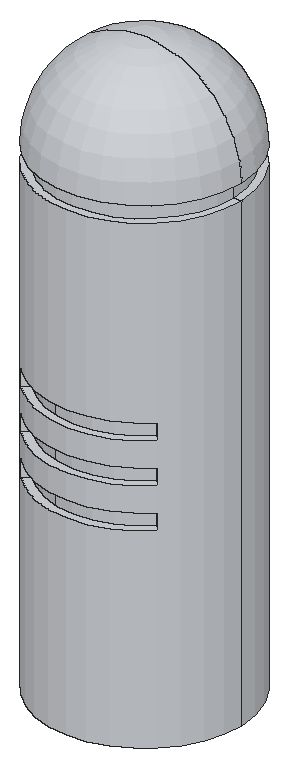
Revit family
Parameters (values of type "SBSP-027.5")
  Width = 1' - 4"
  URL = "www.strombergarchitectural.com"
  Top Material = GFRC
  Submittal Sheet = "www.strombergarchitectural.com/images/materials/gfrc/submittal/gfrc-submittal-sheet.pdf"
  Specifications = "www.strombergarchitectural.com/gfrcspecifications"
  Model Cut-sheet = "www.strombergarchitectural.com/products/bollards/design/SBSP-027"
  Model = "SBSP-027"
  Manufacturer = "Stromberg Architectural Products"
  Guidebook = "www.strombergarchitectural.com/images/materials/gfrc/handbooks/gfrc_guidebook.pdf"
  Frame Material = none
  Description = "GFRC Bollard"
  Assembly Code = ""
  Height = 4' - 0"
  XXX.5 = yes
  XXX.4 = no
  XXX.3 = no
  XXX.2 = no
  XXX.1 = no
Types (6): name | Width | Guidebook | Height | XXX.5 | XXX.4 | XXX.3 | XXX.2 | XXX.1
  (no name) | 1' - 4" | "www.strombergarchitectural.com/images/materials/gfrc/handbooks/gfrc_guidebook.pdf" | 4' - 0" | yes | no | no | no | no
  SBSP-027.3 | 1' - 0" | "www.strombergarchitectural.com/images/materials/gfrc/handbooks/gfrc_guidebook.pdf" | 3' - 0" | no | no | yes | no | no
  SBSP-027.1 | 0' - 8" | "www.strombergarchitectural.com/images/materials/gfrc/handbooks/gfrc_guidebook.pdf   \r\n(http://www.strombergarchitectural.com/images/materials/gfrc/handbooks/gfrc_guidebook.pdf" | 2' - 0" | no | no | no | no | yes
  SBSP-027.2 | 0' - 10" | "www.strombergarchitectural.com/images/materials/gfrc/handbooks/gfrc_guidebook.pdf" | 2' - 6" | no | no | no | yes | no
  SBSP-027.4 | 1' - 2" | "www.strombergarchitectural.com/images/materials/gfrc/handbooks/gfrc_guidebook.pdf" | 3' - 6" | no | yes | no | no | no
  SBSP-027.5 | 1' - 4" | "www.strombergarchitectural.com/images/materials/gfrc/handbooks/gfrc_guidebook.pdf" | 4' - 0" | yes | no | no | no | no
Reference planes (in)
  plane 1 "Center (Front/Back)": y = 3.74847
  plane 2: z = 0
  plane 3 "Center (Left/Right)": x = 0.7278
  plane 4 "Front": y = -3.25153
  plane 5 "Back": y = 10.74847
  plane 6: through (1.16595, 3.31032, 48) normal (-0.7071, -0.7071, 0)
  plane 7: through (0.28965, 3.31032, 48) normal (-0.7071, 0.7071, 0)
Forms (in)
  Revolve 1, solid, visible <- "XXX.1"
    sketch origin (0, 3.74847, 0) x (1, 0, 0) y (0, 0, 1)
      loop
        arc (0.7278, 24) -> (-2.10063, 22.82843) -> (-3.2722, 20) r 4
        line (-3.2722, 20) -> (-2.93887, 20) -> (-2.93887, 19.33333) -> (-3.2722, 19.33333) -> (-3.2722, 0) -> (-1.93887, 0) -> (-1.93887, 0.33333) -> (-2.93887, 0.33333) -> (-2.93887, 19) -> (0.7278, 19) -> (0.7278, 24)
      axis (0.7278, 24) -> (0.7278, 0)
    angle from 0 to 360
  Revolve 2, solid, visible <- "XXX.2"
    sketch origin (0, 3.74847, 0) x (1, 0, 0) y (0, 0, 1)
      loop
        arc (0.7278, 30) -> (-2.80773, 28.53553) -> (-4.2722, 25) r 5
        line (-4.2722, 25) -> (-3.85553, 25) -> (-3.85553, 24.16667) -> (-4.2722, 24.16667) -> (-4.2722, 0) -> (-2.60553, 0) -> (-2.60553, 0.41667) -> (-3.85553, 0.41667) -> (-3.85553, 23.75) -> (0.7278, 23.75) -> (0.7278, 30)
      axis (0.7278, 30) -> (0.7278, 0)
    angle from 0 to 360
  Revolve 3, solid, visible <- "XXX.3"
    sketch origin (0, 3.74847, 0) x (1, 0, 0) y (0, 0, 1)
      loop
        arc (0.7278, 36) -> (-3.51484, 34.24264) -> (-5.2722, 30) r 6
        line (-5.2722, 30) -> (-4.7722, 30) -> (-4.7722, 29) -> (-5.2722, 29) -> (-5.2722, 0) -> (-3.2722, 0) -> (-3.2722, 0.5) -> (-4.7722, 0.5) -> (-4.7722, 28.5) -> (0.7278, 28.5) -> (0.7278, 36)
      axis (0.7278, 36) -> (0.7278, 0)
    angle from 0 to 360
  Revolve 4, solid, visible <- "XXX.4"
    sketch origin (0, 3.74847, 0) x (1, 0, 0) y (0, 0, 1)
      loop
        arc (0.7278, 42) -> (-4.22195, 39.94975) -> (-6.2722, 35) r 7
        line (-6.2722, 35) -> (-5.68887, 35) -> (-5.68887, 33.83333) -> (-6.2722, 33.83333) -> (-6.2722, 0) -> (-3.93887, 0) -> (-3.93887, 0.58333) -> (-5.68887, 0.58333) -> (-5.68887, 33.25) -> (0.7278, 33.25) -> (0.7278, 42)
      axis (0.7278, 42) -> (0.7278, 0)
    angle from 0 to 360
  Revolve 5, solid, visible <- "XXX.5"
    sketch origin (0, 3.74847, 0) x (1, 0, 0) y (0, 0, 1)
      loop
        arc (0.7278, 48) -> (-4.92905, 45.65685) -> (-7.2722, 40) r 8
        line (-7.2722, 40) -> (-6.60553, 40) -> (-6.60553, 38.66667) -> (-7.2722, 38.66667) -> (-7.2722, 0) -> (-4.60553, 0) -> (-4.60553, 0.66667) -> (-6.60553, 0.66667) -> (-6.60553, 38) -> (0.7278, 38) -> (0.7278, 48)
      axis (0.7278, 48) -> (0.7278, 0)
    angle from 0 to 360
  Revolve 6, solid, visible <- "XXX.1", not visible
    sketch origin (-49.74307, 3.74847, 0) x (1, 0, 0) y (0, 0, 1)
      loop
        arc (0.7278, 24) -> (-2.10063, 22.82843) -> (-3.2722, 20) r 4
        line (-3.2722, 20) -> (-2.93887, 20) -> (-2.93887, 19.33333) -> (-3.2722, 19.33333) -> (-3.2722, 0) -> (-1.93887, 0) -> (-1.93887, 0.33333) -> (-2.93887, 0.33333) -> (-2.93887, 19) -> (0.7278, 19) -> (0.7278, 24)
      axis (0.7278, 24) -> (0.7278, 0)
    angle from 0 to 360
  Extrusion 7, void, not visible
    sketch origin (-49.74307, 3.74847, 0) x (-1, 0, 0) y (0, 0, 1)
      loop
        line (2.43887, 12) -> (-3.89447, 12)
        arc (-3.89447, 12) -> (-4.01232, 11.95118) -> (-4.06113, 11.83333) r 0.16667
        line (-4.06113, 11.83333) -> (-4.06113, 11.5)
        arc (-4.06113, 11.5) -> (-4.01232, 11.38215) -> (-3.89447, 11.33333) r 0.16667
        line (-3.89447, 11.33333) -> (2.43887, 11.33333)
        arc (2.43887, 11.33333) -> (2.55672, 11.38215) -> (2.60553, 11.5) r 0.16667
        line (2.60553, 11.5) -> (2.60553, 11.83333)
        arc (2.60553, 11.83333) -> (2.55672, 11.95118) -> (2.43887, 12) r 0.16667
      loop
        line (2.43887, 10.33333) -> (-3.89447, 10.33333)
        arc (-3.89447, 10.33333) -> (-4.01232, 10.28452) -> (-4.06113, 10.16667) r 0.16667
        line (-4.06113, 10.16667) -> (-4.06113, 9.83333)
        arc (-4.06113, 9.83333) -> (-4.01232, 9.71548) -> (-3.89447, 9.66667) r 0.16667
        line (-3.89447, 9.66667) -> (2.43887, 9.66667)
        arc (2.43887, 9.66667) -> (2.55672, 9.71548) -> (2.60553, 9.83333) r 0.16667
        line (2.60553, 9.83333) -> (2.60553, 10.16667)
        arc (2.60553, 10.16667) -> (2.55672, 10.28452) -> (2.43887, 10.33333) r 0.16667
      loop
        line (2.43887, 8.66667) -> (-3.89447, 8.66667)
        arc (-3.89447, 8.66667) -> (-4.01232, 8.61785) -> (-4.06113, 8.5) r 0.16667
        line (-4.06113, 8.5) -> (-4.06113, 8.16667)
        arc (-4.06113, 8.16667) -> (-4.01232, 8.04882) -> (-3.89447, 8) r 0.16667
        line (-3.89447, 8) -> (2.43887, 8)
        arc (2.43887, 8) -> (2.55672, 8.04882) -> (2.60553, 8.16667) r 0.16667
        line (2.60553, 8.16667) -> (2.60553, 8.5)
        arc (2.60553, 8.5) -> (2.55672, 8.61785) -> (2.43887, 8.66667) r 0.16667
    from -5.58501 to 4.5
  Revolve 8, solid, visible <- "XXX.2", not visible
    sketch origin (-39.74307, 3.74847, 0) x (1, 0, 0) y (0, 0, 1)
      loop
        arc (0.7278, 30) -> (-2.80773, 28.53553) -> (-4.2722, 25) r 5
        line (-4.2722, 25) -> (-3.85553, 25) -> (-3.85553, 24.16667) -> (-4.2722, 24.16667) -> (-4.2722, 0) -> (-2.60553, 0) -> (-2.60553, 0.41667) -> (-3.85553, 0.41667) -> (-3.85553, 23.75) -> (0.7278, 23.75) -> (0.7278, 30)
      axis (0.7278, 30) -> (0.7278, 0)
    angle from 0 to 360
  Extrusion 9, void, not visible
    sketch origin (-39.74307, 3.74847, 0) x (-1, 0, 0) y (0, 0, 1)
      loop
        line (3.23053, 15) -> (-4.68613, 15)
        arc (-4.68613, 15) -> (-4.83345, 14.93898) -> (-4.89447, 14.79167) r 0.20833
        line (-4.89447, 14.79167) -> (-4.89447, 14.375)
        arc (-4.89447, 14.375) -> (-4.83345, 14.22769) -> (-4.68613, 14.16667) r 0.20833
        line (-4.68613, 14.16667) -> (3.23053, 14.16667)
        arc (3.23053, 14.16667) -> (3.37785, 14.22769) -> (3.43887, 14.375) r 0.20833
        line (3.43887, 14.375) -> (3.43887, 14.79167)
        arc (3.43887, 14.79167) -> (3.37785, 14.93898) -> (3.23053, 15) r 0.20833
      loop
        line (3.23053, 12.91667) -> (-4.68613, 12.91667)
        arc (-4.68613, 12.91667) -> (-4.83345, 12.85565) -> (-4.89447, 12.70833) r 0.20833
        line (-4.89447, 12.70833) -> (-4.89447, 12.29167)
        arc (-4.89447, 12.29167) -> (-4.83345, 12.14435) -> (-4.68613, 12.08333) r 0.20833
        line (-4.68613, 12.08333) -> (3.23053, 12.08333)
        arc (3.23053, 12.08333) -> (3.37785, 12.14435) -> (3.43887, 12.29167) r 0.20833
        line (3.43887, 12.29167) -> (3.43887, 12.70833)
        arc (3.43887, 12.70833) -> (3.37785, 12.85565) -> (3.23053, 12.91667) r 0.20833
      loop
        line (3.23053, 10.83333) -> (-4.68613, 10.83333)
        arc (-4.68613, 10.83333) -> (-4.83345, 10.77231) -> (-4.89447, 10.625) r 0.20833
        line (-4.89447, 10.625) -> (-4.89447, 10.20833)
        arc (-4.89447, 10.20833) -> (-4.83345, 10.06102) -> (-4.68613, 10) r 0.20833
        line (-4.68613, 10) -> (3.23053, 10)
        arc (3.23053, 10) -> (3.37785, 10.06102) -> (3.43887, 10.20833) r 0.20833
        line (3.43887, 10.20833) -> (3.43887, 10.625)
        arc (3.43887, 10.625) -> (3.37785, 10.77231) -> (3.23053, 10.83333) r 0.20833
    from -6.17536 to 6.65704
  Revolve 10, solid, visible <- "XXX.3", not visible
    sketch origin (-28.74307, 3.74847, 0) x (1, 0, 0) y (0, 0, 1)
      loop
        arc (0.7278, 36) -> (-3.51484, 34.24264) -> (-5.2722, 30) r 6
        line (-5.2722, 30) -> (-4.7722, 30) -> (-4.7722, 29) -> (-5.2722, 29) -> (-5.2722, 0) -> (-3.2722, 0) -> (-3.2722, 0.5) -> (-4.7722, 0.5) -> (-4.7722, 28.5) -> (0.7278, 28.5) -> (0.7278, 36)
      axis (0.7278, 36) -> (0.7278, 0)
    angle from 0 to 360
  Extrusion 11, void, not visible
    sketch origin (-28.74307, 3.74847, 0) x (-1, 0, 0) y (0, 0, 1)
      loop
        arc (-5.4778, 18) -> (-5.65458, 17.92678) -> (-5.7278, 17.75) r 0.25
        line (-5.7278, 17.75) -> (-5.7278, 17.25)
        arc (-5.7278, 17.25) -> (-5.65458, 17.07322) -> (-5.4778, 17) r 0.25
        line (-5.4778, 17) -> (4.0222, 17)
        arc (4.0222, 17) -> (4.19898, 17.07322) -> (4.2722, 17.25) r 0.25
        line (4.2722, 17.25) -> (4.2722, 17.75)
        arc (4.2722, 17.75) -> (4.19898, 17.92678) -> (4.0222, 18) r 0.25
        line (4.0222, 18) -> (-5.4778, 18)
      loop
        arc (-5.4778, 15.5) -> (-5.65458, 15.42678) -> (-5.7278, 15.25) r 0.25
        line (-5.7278, 15.25) -> (-5.7278, 14.75)
        arc (-5.7278, 14.75) -> (-5.65458, 14.57322) -> (-5.4778, 14.5) r 0.25
        line (-5.4778, 14.5) -> (4.0222, 14.5)
        arc (4.0222, 14.5) -> (4.19898, 14.57322) -> (4.2722, 14.75) r 0.25
        line (4.2722, 14.75) -> (4.2722, 15.25)
        arc (4.2722, 15.25) -> (4.19898, 15.42678) -> (4.0222, 15.5) r 0.25
        line (4.0222, 15.5) -> (-5.4778, 15.5)
      loop
        arc (-5.4778, 13) -> (-5.65458, 12.92678) -> (-5.7278, 12.75) r 0.25
        line (-5.7278, 12.75) -> (-5.7278, 12.25)
        arc (-5.7278, 12.25) -> (-5.65458, 12.07322) -> (-5.4778, 12) r 0.25
        line (-5.4778, 12) -> (4.0222, 12)
        arc (4.0222, 12) -> (4.19898, 12.07322) -> (4.2722, 12.25) r 0.25
        line (4.2722, 12.25) -> (4.2722, 12.75)
        arc (4.2722, 12.75) -> (4.19898, 12.92678) -> (4.0222, 13) r 0.25
        line (4.0222, 13) -> (-5.4778, 13)
    from -6.60515 to 7.24033
  Revolve 12, solid, visible <- "XXX.4", not visible
    sketch origin (-15, 3.74847, 0) x (1, 0, 0) y (0, 0, 1)
      loop
        arc (0.7278, 42) -> (-4.22195, 39.94975) -> (-6.2722, 35) r 7
        line (-6.2722, 35) -> (-5.68887, 35) -> (-5.68887, 33.83333) -> (-6.2722, 33.83333) -> (-6.2722, 0) -> (-3.93887, 0) -> (-3.93887, 0.58333) -> (-5.68887, 0.58333) -> (-5.68887, 33.25) -> (0.7278, 33.25) -> (0.7278, 42)
      axis (0.7278, 42) -> (0.7278, 0)
    angle from 0 to 360
  Extrusion 13, void, not visible
    sketch origin (-15, 3.74847, 0) x (-1, 0, 0) y (0, 0, 1)
      loop
        line (4.81387, 21) -> (-6.26947, 21)
        arc (-6.26947, 21) -> (-6.47571, 20.91457) -> (-6.56113, 20.70833) r 0.29167
        line (-6.56113, 20.70833) -> (-6.56113, 20.125)
        arc (-6.56113, 20.125) -> (-6.47571, 19.91876) -> (-6.26947, 19.83333) r 0.29167
        line (-6.26947, 19.83333) -> (4.81387, 19.83333)
        arc (4.81387, 19.83333) -> (5.02011, 19.91876) -> (5.10553, 20.125) r 0.29167
        line (5.10553, 20.125) -> (5.10553, 20.70833)
        arc (5.10553, 20.70833) -> (5.02011, 20.91457) -> (4.81387, 21) r 0.29167
      loop
        line (4.81387, 18.08333) -> (-6.26947, 18.08333)
        arc (-6.26947, 18.08333) -> (-6.47571, 17.99791) -> (-6.56113, 17.79167) r 0.29167
        line (-6.56113, 17.79167) -> (-6.56113, 17.20833)
        arc (-6.56113, 17.20833) -> (-6.47571, 17.00209) -> (-6.26947, 16.91667) r 0.29167
        line (-6.26947, 16.91667) -> (4.81387, 16.91667)
        arc (4.81387, 16.91667) -> (5.02011, 17.00209) -> (5.10553, 17.20833) r 0.29167
        line (5.10553, 17.20833) -> (5.10553, 17.79167)
        arc (5.10553, 17.79167) -> (5.02011, 17.99791) -> (4.81387, 18.08333) r 0.29167
      loop
        line (4.81387, 15.16667) -> (-6.26947, 15.16667)
        arc (-6.26947, 15.16667) -> (-6.47571, 15.08124) -> (-6.56113, 14.875) r 0.29167
        line (-6.56113, 14.875) -> (-6.56113, 14.29167)
        arc (-6.56113, 14.29167) -> (-6.47571, 14.08543) -> (-6.26947, 14) r 0.29167
        line (-6.26947, 14) -> (4.81387, 14)
        arc (4.81387, 14) -> (5.02011, 14.08543) -> (5.10553, 14.29167) r 0.29167
        line (5.10553, 14.29167) -> (5.10553, 14.875)
        arc (5.10553, 14.875) -> (5.02011, 15.08124) -> (4.81387, 15.16667) r 0.29167
    from -8.07873 to 8.31481
  Revolve 14, solid, visible <- "XXX.5", not visible
    sketch origin (-49.74307, 3.74847, 0) x (1, 0, 0) y (0, 0, 1)
      loop
        arc (0.7278, 48) -> (-4.92905, 45.65685) -> (-7.2722, 40) r 8
        line (-7.2722, 40) -> (-6.60553, 40) -> (-6.60553, 38.66667) -> (-7.2722, 38.66667) -> (-7.2722, 0) -> (-4.60553, 0) -> (-4.60553, 0.66667) -> (-6.60553, 0.66667) -> (-6.60553, 38) -> (0.7278, 38) -> (0.7278, 48)
      axis (0.7278, 48) -> (0.7278, 0)
    angle from 0 to 360
  Extrusion 15, void, not visible
    sketch origin (-49.74307, 3.74847, 0) x (-1, 0, 0) y (0, 0, 1)
      loop
        line (5.60553, 24) -> (-7.06113, 24)
        arc (-7.06113, 24) -> (-7.29684, 23.90237) -> (-7.39447, 23.66667) r 0.33333
        line (-7.39447, 23.66667) -> (-7.39447, 23)
        arc (-7.39447, 23) -> (-7.29684, 22.7643) -> (-7.06113, 22.66667) r 0.33333
        line (-7.06113, 22.66667) -> (5.60553, 22.66667)
        arc (5.60553, 22.66667) -> (5.84124, 22.7643) -> (5.93887, 23) r 0.33333
        line (5.93887, 23) -> (5.93887, 23.66667)
        arc (5.93887, 23.66667) -> (5.84124, 23.90237) -> (5.60553, 24) r 0.33333
      loop
        line (5.60553, 20.66667) -> (-7.06113, 20.66667)
        arc (-7.06113, 20.66667) -> (-7.29684, 20.56904) -> (-7.39447, 20.33333) r 0.33333
        line (-7.39447, 20.33333) -> (-7.39447, 19.66667)
        arc (-7.39447, 19.66667) -> (-7.29684, 19.43096) -> (-7.06113, 19.33333) r 0.33333
        line (-7.06113, 19.33333) -> (5.60553, 19.33333)
        arc (5.60553, 19.33333) -> (5.84124, 19.43096) -> (5.93887, 19.66667) r 0.33333
        line (5.93887, 19.66667) -> (5.93887, 20.33333)
        arc (5.93887, 20.33333) -> (5.84124, 20.56904) -> (5.60553, 20.66667) r 0.33333
      loop
        line (5.60553, 17.33333) -> (-7.06113, 17.33333)
        arc (-7.06113, 17.33333) -> (-7.29684, 17.2357) -> (-7.39447, 17) r 0.33333
        line (-7.39447, 17) -> (-7.39447, 16.33333)
        arc (-7.39447, 16.33333) -> (-7.29684, 16.09763) -> (-7.06113, 16) r 0.33333
        line (-7.06113, 16) -> (5.60553, 16)
        arc (5.60553, 16) -> (5.84124, 16.09763) -> (5.93887, 16.33333) r 0.33333
        line (5.93887, 16.33333) -> (5.93887, 17)
        arc (5.93887, 17) -> (5.84124, 17.2357) -> (5.60553, 17.33333) r 0.33333
    from -9.24531 to 9.1437
  Extrusion 16, void
    sketch origin (49.74307, 0, 0) x (1, 0, 0) y (0, 1, 0)
      loop
        arc (-51.88454, 0.8792) -> (-49.01527, -0.29076) -> (-46.146, 0.8792) r 4.10335
        line (-46.146, 0.8792) -> (-46.4844, 1.21759)
        arc (-46.4844, 1.21759) -> (-49.01527, 0.18215) -> (-51.54615, 1.21759) r 3.61077
        line (-51.54615, 1.21759) -> (-51.88454, 0.8792)
    from 11.33333 to 12
  Extrusion 17, void
    sketch origin (49.74307, 0, -1.66667) x (1, 0, 0) y (0, 1, 0)
      loop
        arc (-51.88454, 0.8792) -> (-49.01527, -0.29076) -> (-46.146, 0.8792) r 4.10335
        line (-46.146, 0.8792) -> (-46.4844, 1.21759)
        arc (-46.4844, 1.21759) -> (-49.01527, 0.18215) -> (-51.54615, 1.21759) r 3.61077
        line (-51.54615, 1.21759) -> (-51.88454, 0.8792)
    from 11.33333 to 12
  Extrusion 18, void
    sketch origin (49.74307, 0, -3.33333) x (1, 0, 0) y (0, 1, 0)
      loop
        arc (-51.88454, 0.8792) -> (-49.01527, -0.29076) -> (-46.146, 0.8792) r 4.10335
        line (-46.146, 0.8792) -> (-46.4844, 1.21759)
        arc (-46.4844, 1.21759) -> (-49.01527, 0.18215) -> (-51.54615, 1.21759) r 3.61077
        line (-51.54615, 1.21759) -> (-51.88454, 0.8792)
    from 11.33333 to 12
  Extrusion 19, void
    sketch origin (49.74307, 7.49694, 0) x (1, 0, 0) y (0, 1, 0)
      loop
        line (-51.88454, -0.8792) -> (-51.54615, -1.21759)
        arc (-51.54615, -1.21759) -> (-49.01527, -0.18215) -> (-46.4844, -1.21759) r 3.61077
        line (-46.4844, -1.21759) -> (-46.146, -0.8792)
        arc (-46.146, -0.8792) -> (-49.01527, 0.29076) -> (-51.88454, -0.8792) r 4.10335
    from 11.33333 to 12
  Extrusion 20, void
    sketch origin (49.74307, 7.49694, -1.66667) x (1, 0, 0) y (0, 1, 0)
      loop
        line (-51.88454, -0.8792) -> (-51.54615, -1.21759)
        arc (-51.54615, -1.21759) -> (-49.01527, -0.18215) -> (-46.4844, -1.21759) r 3.61077
        line (-46.4844, -1.21759) -> (-46.146, -0.8792)
        arc (-46.146, -0.8792) -> (-49.01527, 0.29076) -> (-51.88454, -0.8792) r 4.10335
    from 11.33333 to 12
  Extrusion 21, void
    sketch origin (49.74307, 7.49694, -3.33333) x (1, 0, 0) y (0, 1, 0)
      loop
        line (-51.88454, -0.8792) -> (-51.54615, -1.21759)
        arc (-51.54615, -1.21759) -> (-49.01527, -0.18215) -> (-46.4844, -1.21759) r 3.61077
        line (-46.4844, -1.21759) -> (-46.146, -0.8792)
        arc (-46.146, -0.8792) -> (-49.01527, 0.29076) -> (-51.88454, -0.8792) r 4.10335
    from 11.33333 to 12
  Extrusion 22, void
    sketch origin (39.74307, 0, 0) x (1, 0, 0) y (0, 1, 0)
      loop
        arc (-42.60106, 0.16268) -> (-39.01527, -1.34587) -> (-35.42949, 0.16268) r 5.01594
        line (-35.42949, 0.16268) -> (-35.8654, 0.5986)
        arc (-35.8654, 0.5986) -> (-39.01527, -0.71236) -> (-42.16514, 0.5986) r 4.4396
        line (-42.16514, 0.5986) -> (-42.60106, 0.16268)
    from 14.16667 to 15
  Extrusion 23, void
    sketch origin (39.74307, 0, -2.08333) x (1, 0, 0) y (0, 1, 0)
      loop
        arc (-42.60106, 0.16268) -> (-39.01527, -1.34587) -> (-35.42949, 0.16268) r 5.01594
        line (-35.42949, 0.16268) -> (-35.8654, 0.5986)
        arc (-35.8654, 0.5986) -> (-39.01527, -0.71236) -> (-42.16514, 0.5986) r 4.4396
        line (-42.16514, 0.5986) -> (-42.60106, 0.16268)
    from 14.16667 to 15
  Extrusion 24, void
    sketch origin (39.74307, 0, -4.16667) x (1, 0, 0) y (0, 1, 0)
      loop
        arc (-42.60106, 0.16268) -> (-39.01527, -1.34587) -> (-35.42949, 0.16268) r 5.01594
        line (-35.42949, 0.16268) -> (-35.8654, 0.5986)
        arc (-35.8654, 0.5986) -> (-39.01527, -0.71236) -> (-42.16514, 0.5986) r 4.4396
        line (-42.16514, 0.5986) -> (-42.60106, 0.16268)
    from 14.16667 to 15
  Extrusion 25, void
    sketch origin (39.74307, 7.49694, 0) x (1, 0, 0) y (0, 1, 0)
      loop
        line (-42.60106, -0.16268) -> (-42.16514, -0.5986)
        arc (-42.16514, -0.5986) -> (-39.01527, 0.71236) -> (-35.8654, -0.5986) r 4.4396
        line (-35.8654, -0.5986) -> (-35.42949, -0.16268)
        arc (-35.42949, -0.16268) -> (-39.01527, 1.34587) -> (-42.60106, -0.16268) r 5.01594
    from 14.16667 to 15
  Extrusion 26, void
    sketch origin (39.74307, 7.49694, -2.08333) x (1, 0, 0) y (0, 1, 0)
      loop
        line (-42.60106, -0.16268) -> (-42.16514, -0.5986)
        arc (-42.16514, -0.5986) -> (-39.01527, 0.71236) -> (-35.8654, -0.5986) r 4.4396
        line (-35.8654, -0.5986) -> (-35.42949, -0.16268)
        arc (-35.42949, -0.16268) -> (-39.01527, 1.34587) -> (-42.60106, -0.16268) r 5.01594
    from 14.16667 to 15
  Extrusion 27, void
    sketch origin (39.74307, 7.49694, -4.16667) x (1, 0, 0) y (0, 1, 0)
      loop
        line (-42.60106, -0.16268) -> (-42.16514, -0.5986)
        arc (-42.16514, -0.5986) -> (-39.01527, 0.71236) -> (-35.8654, -0.5986) r 4.4396
        line (-35.8654, -0.5986) -> (-35.42949, -0.16268)
        arc (-35.42949, -0.16268) -> (-39.01527, 1.34587) -> (-42.60106, -0.16268) r 5.01594
    from 14.16667 to 15
  Extrusion 28, void
    sketch origin (28.74307, 0, 0) x (1, 0, 0) y (0, 1, 0)
      loop
        line (-31.74751, 0.01623) -> (-32.4022, -0.63846)
        arc (-32.4022, -0.63846) -> (-28.01527, -2.37125) -> (-23.62835, -0.63846) r 6.41958
        line (-23.62835, -0.63846) -> (-24.28304, 0.01623)
        arc (-24.28304, 0.01623) -> (-28.01527, -1.50543) -> (-31.74751, 0.01623) r 5.33791
    from 12 to 13
  Extrusion 29, void
    sketch origin (28.74307, 0, 2.5) x (1, 0, 0) y (0, 1, 0)
      loop
        line (-31.74751, 0.01623) -> (-32.4022, -0.63846)
        arc (-32.4022, -0.63846) -> (-28.01527, -2.37125) -> (-23.62835, -0.63846) r 6.41958
        line (-23.62835, -0.63846) -> (-24.28304, 0.01623)
        arc (-24.28304, 0.01623) -> (-28.01527, -1.50543) -> (-31.74751, 0.01623) r 5.33791
    from 12 to 13
  Extrusion 30, void
    sketch origin (28.74307, 0, 5) x (1, 0, 0) y (0, 1, 0)
      loop
        line (-31.74751, 0.01623) -> (-32.4022, -0.63846)
        arc (-32.4022, -0.63846) -> (-28.01527, -2.37125) -> (-23.62835, -0.63846) r 6.41958
        line (-23.62835, -0.63846) -> (-24.28304, 0.01623)
        arc (-24.28304, 0.01623) -> (-28.01527, -1.50543) -> (-31.74751, 0.01623) r 5.33791
    from 12 to 13
  Extrusion 31, void
    sketch origin (28.74307, 7.49694, 0) x (1, 0, 0) y (0, 1, 0)
      loop
        arc (-31.74751, -0.01623) -> (-28.01527, 1.50543) -> (-24.28304, -0.01623) r 5.33791
        line (-24.28304, -0.01623) -> (-23.62835, 0.63846)
        arc (-23.62835, 0.63846) -> (-28.01527, 2.37125) -> (-32.4022, 0.63846) r 6.41958
        line (-32.4022, 0.63846) -> (-31.74751, -0.01623)
    from 12 to 13
  Extrusion 32, void
    sketch origin (28.74307, 7.49694, 2.5) x (1, 0, 0) y (0, 1, 0)
      loop
        arc (-31.74751, -0.01623) -> (-28.01527, 1.50543) -> (-24.28304, -0.01623) r 5.33791
        line (-24.28304, -0.01623) -> (-23.62835, 0.63846)
        arc (-23.62835, 0.63846) -> (-28.01527, 2.37125) -> (-32.4022, 0.63846) r 6.41958
        line (-32.4022, 0.63846) -> (-31.74751, -0.01623)
    from 12 to 13
  Extrusion 33, void
    sketch origin (28.74307, 7.49694, 5) x (1, 0, 0) y (0, 1, 0)
      loop
        arc (-31.74751, -0.01623) -> (-28.01527, 1.50543) -> (-24.28304, -0.01623) r 5.33791
        line (-24.28304, -0.01623) -> (-23.62835, 0.63846)
        arc (-23.62835, 0.63846) -> (-28.01527, 2.37125) -> (-32.4022, 0.63846) r 6.41958
        line (-32.4022, 0.63846) -> (-31.74751, -0.01623)
    from 12 to 13
  Extrusion 34, void
    sketch origin (15, 0, 0) x (1, 0, 0) y (0, 1, 0)
      loop
        line (-18.66886, -0.6482) -> (-19.37597, -1.3553)
        arc (-19.37597, -1.3553) -> (-14.2722, -3.44428) -> (-9.16843, -1.3553) r 7.27922
        line (-9.16843, -1.3553) -> (-9.87554, -0.6482)
        arc (-9.87554, -0.6482) -> (-14.2722, -2.4858) -> (-18.66886, -0.6482) r 6.17854
    from 14 to 15.16667
  Extrusion 35, void
    sketch origin (15, 0, 2.91667) x (1, 0, 0) y (0, 1, 0)
      loop
        line (-18.66886, -0.6482) -> (-19.37597, -1.3553)
        arc (-19.37597, -1.3553) -> (-14.2722, -3.44428) -> (-9.16843, -1.3553) r 7.27922
        line (-9.16843, -1.3553) -> (-9.87554, -0.6482)
        arc (-9.87554, -0.6482) -> (-14.2722, -2.4858) -> (-18.66886, -0.6482) r 6.17854
    from 14 to 15.16667
  Extrusion 36, void
    sketch origin (15, 0, 5.83333) x (1, 0, 0) y (0, 1, 0)
      loop
        line (-18.66886, -0.6482) -> (-19.37597, -1.3553)
        arc (-19.37597, -1.3553) -> (-14.2722, -3.44428) -> (-9.16843, -1.3553) r 7.27922
        line (-9.16843, -1.3553) -> (-9.87554, -0.6482)
        arc (-9.87554, -0.6482) -> (-14.2722, -2.4858) -> (-18.66886, -0.6482) r 6.17854
    from 14 to 15.16667
  Extrusion 37, void
    sketch origin (15, 7.49694, 0) x (1, 0, 0) y (0, 1, 0)
      loop
        arc (-18.66886, 0.6482) -> (-14.2722, 2.4858) -> (-9.87554, 0.6482) r 6.17854
        line (-9.87554, 0.6482) -> (-9.16843, 1.3553)
        arc (-9.16843, 1.3553) -> (-14.2722, 3.44428) -> (-19.37597, 1.3553) r 7.27922
        line (-19.37597, 1.3553) -> (-18.66886, 0.6482)
    from 14 to 15.16667
  Extrusion 38, void
    sketch origin (15, 7.49694, 2.91667) x (1, 0, 0) y (0, 1, 0)
      loop
        arc (-18.66886, 0.6482) -> (-14.2722, 2.4858) -> (-9.87554, 0.6482) r 6.17854
        line (-9.87554, 0.6482) -> (-9.16843, 1.3553)
        arc (-9.16843, 1.3553) -> (-14.2722, 3.44428) -> (-19.37597, 1.3553) r 7.27922
        line (-19.37597, 1.3553) -> (-18.66886, 0.6482)
    from 14 to 15.16667
  Extrusion 39, void
    sketch origin (15, 7.49694, 5.83333) x (1, 0, 0) y (0, 1, 0)
      loop
        arc (-18.66886, 0.6482) -> (-14.2722, 2.4858) -> (-9.87554, 0.6482) r 6.17854
        line (-9.87554, 0.6482) -> (-9.16843, 1.3553)
        arc (-9.16843, 1.3553) -> (-14.2722, 3.44428) -> (-19.37597, 1.3553) r 7.27922
        line (-19.37597, 1.3553) -> (-18.66886, 0.6482)
    from 14 to 15.16667
  Extrusion 40, void
    sketch origin (0, 0, 0) x (1, 0, 0) y (0, 1, 0)
      loop
        line (-4.35006, -1.32939) -> (-5.05716, -2.0365)
        arc (-5.05716, -2.0365) -> (0.7278, -4.42093) -> (6.51276, -2.0365) r 8.20977
        line (6.51276, -2.0365) -> (5.80566, -1.32939)
        arc (5.80566, -1.32939) -> (0.7278, -3.40073) -> (-4.35006, -1.32939) r 7.25982
    from 16 to 17.33333
  Extrusion 41, void
    sketch origin (0, 0, 3.33333) x (1, 0, 0) y (0, 1, 0)
      loop
        line (-4.35006, -1.32939) -> (-5.05716, -2.0365)
        arc (-5.05716, -2.0365) -> (0.7278, -4.42093) -> (6.51276, -2.0365) r 8.20977
        line (6.51276, -2.0365) -> (5.80566, -1.32939)
        arc (5.80566, -1.32939) -> (0.7278, -3.40073) -> (-4.35006, -1.32939) r 7.25982
    from 16 to 17.33333
  Extrusion 42, void
    sketch origin (0, 0, 6.66667) x (1, 0, 0) y (0, 1, 0)
      loop
        line (-4.35006, -1.32939) -> (-5.05716, -2.0365)
        arc (-5.05716, -2.0365) -> (0.7278, -4.42093) -> (6.51276, -2.0365) r 8.20977
        line (6.51276, -2.0365) -> (5.80566, -1.32939)
        arc (5.80566, -1.32939) -> (0.7278, -3.40073) -> (-4.35006, -1.32939) r 7.25982
    from 16 to 17.33333
  Extrusion 43, void
    sketch origin (0, 7.49694, 0) x (1, 0, 0) y (0, 1, 0)
      loop
        arc (-4.35006, 1.32939) -> (0.7278, 3.40073) -> (5.80566, 1.32939) r 7.25982
        line (5.80566, 1.32939) -> (6.51276, 2.0365)
        arc (6.51276, 2.0365) -> (0.7278, 4.42093) -> (-5.05716, 2.0365) r 8.20977
        line (-5.05716, 2.0365) -> (-4.35006, 1.32939)
    from 16 to 17.33333
  Extrusion 44, void
    sketch origin (0, 7.49694, 3.33333) x (1, 0, 0) y (0, 1, 0)
      loop
        arc (-4.35006, 1.32939) -> (0.7278, 3.40073) -> (5.80566, 1.32939) r 7.25982
        line (5.80566, 1.32939) -> (6.51276, 2.0365)
        arc (6.51276, 2.0365) -> (0.7278, 4.42093) -> (-5.05716, 2.0365) r 8.20977
        line (-5.05716, 2.0365) -> (-4.35006, 1.32939)
    from 16 to 17.33333
  Extrusion 45, void
    sketch origin (0, 7.49694, 6.66667) x (1, 0, 0) y (0, 1, 0)
      loop
        arc (-4.35006, 1.32939) -> (0.7278, 3.40073) -> (5.80566, 1.32939) r 7.25982
        line (5.80566, 1.32939) -> (6.51276, 2.0365)
        arc (6.51276, 2.0365) -> (0.7278, 4.42093) -> (-5.05716, 2.0365) r 8.20977
        line (-5.05716, 2.0365) -> (-4.35006, 1.32939)
    from 16 to 17.33333
Cuts and joins
  Extrusion 16, Extrusion 17, Extrusion 18, Extrusion 19, Extrusion 20, Extrusion 21 cuts Revolve 1
  Extrusion 22, Extrusion 23, Extrusion 24, Extrusion 25, Extrusion 26, Extrusion 27 cuts Revolve 2
  Extrusion 28, Extrusion 29, Extrusion 30, Extrusion 31, Extrusion 32, Extrusion 33 cuts Revolve 3
  Extrusion 34, Extrusion 35, Extrusion 36, Extrusion 37, Extrusion 38, Extrusion 39 cuts Revolve 4
  Extrusion 40, Extrusion 41, Extrusion 42, Extrusion 43, Extrusion 44, Extrusion 45 cuts Revolve 5
Dimensions and locks (in)
  aligned and locked: level to plane 2
